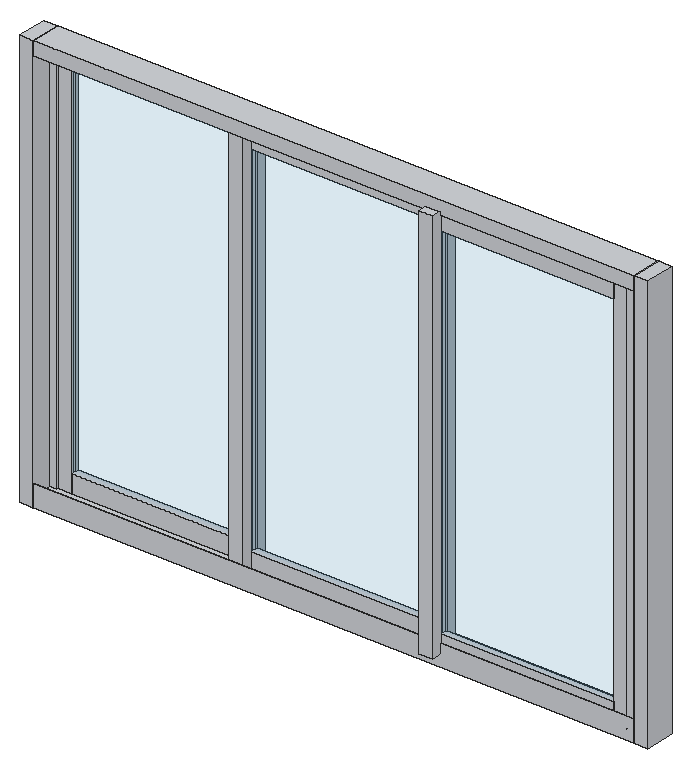
Revit family "Altitude® Sliding Window_SG&DG-OXX_XXO", category Windows, host Wall, Revit 2021
Family settings
  Host = Wall
  OmniClass Number = 23.30.20.00
  OmniClass Title = Windows
  Always vertical = Yes
  Cut with Voids When Loaded = No
  Shared = No
  Room Calculation Point = No
Parameters (values of type "5L2R/2L5R")
  YEAR = "2022"  # constant formula
  X = 75.00 mm  # constant formula
  Width = 0.00 mm  # constant formula
  URL = "https://www.alspec.com.au/altitude-sliding-window"
  Track Offsets = 74.80 mm  # constant formula
  Thickness = 0.00 mm  # constant formula
  Single Glazed Thickness (6-13.5mm) [instance] = 5.00 mm
  Single Glazed [instance] = not(Double Glazed)  # no
  Sill Offset 2 [instance] = 7.80 mm  # constant formula
  Sill Offset [instance] = 6.00 mm  # constant formula
  Sash Material [instance] = none
  Rough Width = 0.00 mm  # constant formula
  Rough Height = 0.00 mm  # constant formula
  Overall Width [instance] = 2100.00 mm
  Offset [instance] = 0.00 mm
  Midrail height [instance] = 810.00 mm
  Midrail [instance] = no
  Meeting 1 = 4.00 mm  # constant formula
  Head Offset 2 [instance] = 8.00 mm  # constant formula
  Head Offset [instance] = 75.30 mm  # constant formula
  Overall Height [instance] = 1400.00 mm
  Model = "Altitude® Sliding Window_SG&DG-OXX_XXO"  # constant formula
  Manufacturer = "ALSPEC"
  Height = 0.00 mm  # constant formula
  Glazed Material [instance] = Glass
  Frame Material [instance] = none
  Ext Frame Thickness = 56.80 mm  # constant formula
  Double Glazed Thickness [instance] = 18.00 mm
  Double Glazed [instance] = yes
  Define Thermal Properties by = Schematic Type
  Default Sill Height = 1200.00 mm
  Wall Closure = By host
  CREATOR = "Viraj Mhatre"  # constant formula
  COMPANY = "ALSPEC"  # constant formula
  Analytic Construction = "<None>"
  Air Pocket (Double Glazing Only) [instance] = 8.00 mm  # constant formula
  XXO [instance] = no
  OXX [instance] = no
Reference planes
  plane 1 "Center (Front/Back)": y = 0
  plane 2 "Center (Left/Right)": x = 0
  plane 3 "Left": x = -869.6
  plane 4 "Right": x = 1116.8
  plane 5 "Sill": z = 1200
  plane 6 "Head": z = 2600
  plane 7 "Exterior": y = 100
  plane 8 "Interior": y = -100
  plane 9: y = 100
  plane 10: z = 1235.5
  plane 11: y = 14
  plane 12 "FRAME CENTRE": y = 42
  plane 13: y = 82.6
  plane 14: x = 1116.8
  plane 15: x = -926.4
  plane 16: x = 1173.6
  plane 17: z = 2564.5
  plane 18: z = 2554
  plane 19: z = 1246
  plane 20: z = 516.113
  plane 21: x = -401.4
  plane 22: x = 123.6
  plane 23: y = 145
  plane 24: z = 1900
  plane 25: x = -869.6
  plane 26: x = 1116.8
  plane 27: x = -207.467
  plane 28: x = 454.667
  plane 29: x = 648.6
  plane 30: y = 49.2
  plane 31: y = 15.8
  plane 32: x = -880.4
  plane 33: x = 1127.6
  plane 34: x = -229.967
  plane 35: x = -184.967
  plane 36: x = -892.1
  plane 37: x = -847.1
  plane 38: x = 1094.3
  plane 39: x = 1139.3
  plane 40: x = 432.167
  plane 41: x = 477.167
  plane 42: x = -881.9
  plane 43: x = 1104.5
  plane 44: x = -219.767
  plane 45: x = 442.367
  plane 46: x = -857.3
  plane 47: x = 1129.1
  plane 48: x = -195.167
  plane 49: x = 466.967
Forms (mm)
  Extrusion 1, solid, material <- "Frame Material"
    sketch origin (0, 0, 0) x (1, 0, 0) y (0, 1, 0)
      loop
        line (-926.4, 100) -> (-926.4, -1.6) -> (-881.9, -1.6) -> (-881.9, 100) -> (-926.4, 100)
      loop
        line (1129.1, -1.601) -> (1173.6, -1.601) -> (1173.6, 99.999) -> (1129.1, 99.999) -> (1129.1, -1.601)
    from 1200 to 2600
  Extrusion 2, solid, material <- "Frame Material"
    sketch origin (-869.6, 0, 0) x (0, -1, 0) y (0, 0, 1)
      loop
        line (-99.999, 2554) -> (1.601, 2554) -> (1.601, 2600) -> (-99.999, 2600) -> (-99.999, 2554)
      loop
        line (-99.999, 1200) -> (1.601, 1200) -> (1.601, 1271) -> (-1.799, 1271) -> (-1.799, 1235.5) -> (-96.599, 1235.5) -> (-96.599, 1246) -> (-99.999, 1246) -> (-99.999, 1200)
    from -1997.2 to 10.8
Lines and regions (mm)
  Opening 1
    outline origin (3600, -100, 75) x (1, 0, 0) y (0, 0, 1)
      loop
        line (-2426.4, 1125) -> (-2426.4, 2525) -> (-4526.4, 2525) -> (-4526.4, 1125) -> (-2426.4, 1125)
  Masking region 1
    outline origin (0, 0, 0) x (1, 0, 0) y (0, 1, 0)
      loop
        line (-926.4, 100) -> (-926.4, -1.6) -> (-881.9, -1.6) -> (-881.9, 100) -> (-926.4, 100)
      loop
        line (1129.1, -1.601) -> (1173.6, -1.601) -> (1173.6, 99.999) -> (1129.1, 99.999) -> (1129.1, -1.601)
  Masking region 2
    outline origin (-869.6, 0, 0) x (0, -1, 0) y (0, 0, 1)
      loop
        line (-99.999, 2554) -> (1.601, 2554) -> (1.601, 2600) -> (-99.999, 2600) -> (-99.999, 2554)
      loop
        line (-99.999, 1200) -> (1.601, 1200) -> (1.601, 1271) -> (-1.799, 1271) -> (-1.799, 1235.5) -> (-96.599, 1235.5) -> (-96.599, 1246) -> (-99.999, 1246) -> (-99.999, 1200)
Text (mm)
  text "EXTERIOR" at (-1886.484, -724.686, 0), in view "Ref. Level"
  text "INTERIOR" at (-1963.203, 1176.318, 0), in view "Ref. Level"
  text "Exterior" at (0, 923.751, 2943.296), in view "Right"
  text "Exterior" at (0, 1040.484, 2685.409), in view "Left"
Dimensions and locks
  "Overall Height": plane 5 "Sill" to plane 6 "Head"
  "Default Sill Height": plane 5 "Sill" to level
  locked: plane 7 "Exterior" to host wall
  locked: plane 8 "Interior" to host wall
  "Offset": plane 9 to plane 7 "Exterior"
  "Ext Frame Thickness": plane 15 to plane 3 "Left"
  "Ext Frame Thickness": plane 4 "Right" to plane 16
  locked: plane 23 to plane 9 at 45
  equal spacing: group 1, group 3, group 4, group 2  (x3)
  "Overall Width": plane 15 to plane 16
  equal spacing: plane 15, plane 21, plane 22, plane 29, plane 16
  locked: plane 9 to plane 13 at 17.4
  locked: plane 13 to plane 30 at 33.4
  locked: plane 30 to plane 31 at 33.399
  plane 18 to plane 17 to plane 6 "Head" = 10.50 mm locked, 35.50 mm locked
  locked: plane 15 to plane 32 at 46
  locked: plane 33 to plane 16 at 46
  equal spacing: plane 34, plane 27, plane 35
  locked: plane 34 to plane 35 at 45
  equal spacing: plane 42, plane 25, plane 46
  locked: plane 42 to plane 46 at 24.6
  locked: plane 19 to plane 10 at 10.5
  locked: plane 5 "Sill" to plane 10 at 35.5
  equal spacing: plane 18, plane 24, plane 19
  aligned and locked: Opening 1 sketch curve to plane 6 "Head"
  aligned and locked: plane 14 to plane 4 "Right"
  aligned and locked: plane 15 to Opening 1 sketch curve
  aligned and locked: plane 16 to Opening 1 sketch curve
  aligned and locked: host wall to level
  aligned and locked: plane 25 to plane 3 "Left"
  aligned and locked: plane 26 to plane 4 "Right"
  aligned and locked: plane 22 to nested 1
  aligned and locked: plane 22 to nested 2
  aligned and locked: plane 22 to nested 3
  aligned and locked: nested 4 to plane 22
  aligned and locked: nested 1 to plane 23
  aligned and locked: plane 23 to nested 2
  aligned and locked: nested 3 to plane 24
  aligned and locked: plane 24 to nested 4
  aligned and locked: nested 5 to plane 23
  aligned and locked: plane 21 to nested 5
  aligned and locked: plane 23 to nested 6
  aligned and locked: plane 29 to nested 6
  aligned and locked: nested 7 to plane 21
  aligned and locked: nested 7 to plane 24
  aligned and locked: plane 29 to nested 8
  aligned and locked: plane 24 to nested 8
  aligned and locked: nested 9 to plane 6 "Head"
  aligned and locked: nested 9 to plane 30
  aligned and locked: Masking region 2 sketch curve to nested 9  (x4)
  aligned and locked: Extrusion 2 sketch curve to nested 9  (x4)
  aligned and locked: plane 33 to Extrusion 2
  aligned and locked: Extrusion 2 to plane 32
  aligned and locked: Extrusion 1 to plane 6 "Head"
  aligned and locked: plane 17 to nested 11
  aligned and locked: plane 17 to nested 12
  aligned and locked: plane 17 to nested 10
  aligned and locked: plane 42 to nested 10
  aligned and locked: nested 10 to plane 35
  aligned and locked: nested 10 to plane 13
  aligned and locked: nested 11 to plane 34
  aligned and locked: nested 11 to plane 41
  aligned and locked: nested 11 to plane 30
  aligned and locked: nested 12 to plane 47
  aligned and locked: plane 40 to nested 12
  aligned and locked: plane 31 to nested 12
  aligned and locked: nested 13 to plane 35
  aligned and locked: plane 42 to nested 13
  aligned and locked: plane 34 to nested 14
  aligned and locked: plane 41 to nested 14
  aligned and locked: plane 40 to nested 15
  aligned and locked: nested 15 to plane 47
  aligned and locked: plane 31 to nested 15
  aligned and locked: plane 30 to nested 14
  aligned and locked: nested 13 to plane 13
  aligned and locked: plane 17 to nested 15
  aligned and locked: plane 17 to nested 14
  aligned and locked: plane 17 to nested 13
  aligned and locked: nested 17 to plane 30
  aligned and locked: plane 30 to nested 16
  aligned and locked: nested 17 to plane 42
  aligned and locked: Masking region 1 sketch curve to nested 17  (x4)
  aligned and locked: Extrusion 1 sketch curve to nested 17  (x4)
  aligned and locked: plane 47 to nested 16
  aligned and locked: Masking region 1 sketch curve to nested 16  (x4)
  aligned and locked: Extrusion 1 sketch curve to nested 16  (x4)
  aligned and locked: nested 18 to plane 30
  aligned and locked: nested 18 to plane 5 "Sill"
  aligned and locked: plane 10 to nested 15
  aligned and locked: plane 10 to nested 12
  aligned and locked: plane 10 to nested 10
  aligned and locked: plane 10 to nested 13
  aligned and locked: plane 10 to nested 11
  aligned and locked: plane 10 to nested 14
  aligned and locked: plane 5 "Sill" to Extrusion 1
  aligned and locked: Masking region 2 sketch curve to nested 18  (x8)
  aligned and locked: Extrusion 2 sketch curve to nested 18  (x8)
Automatic sketch dimensions
  Opening 1 sketch curve to plane 10 = 35.50 mm
Nested families
  nested 1: "DETAIL_ARROW2" at (123.6, 145, 0), visible <- "XXO", type "DETAIL_ARROW2"
  nested 2: "DETAIL_ARROW2" at (123.6, 145, 0) x (-1, 0, 0) z (0, 0, 1), visible <- "OXX", type "DETAIL_ARROW2"
  nested 3: "DETAIL_ARROW" at (123.6, -100, 1900) x (1, 0, 0) z (0, -1, 0), visible <- "XXO", type "DETAIL_ARROW"
  nested 4: "DETAIL_ARROW" at (123.6, -100, 1900) x (-1, 0, 0) z (0, -1, 0), visible <- "OXX", type "DETAIL_ARROW"
  nested 5: "DETAIL_ARROW2" at (-401.4, 145, 0), visible <- "XXO", type "DETAIL_ARROW2"
  nested 6: "DETAIL_ARROW2" at (648.6, 145, 0) x (-1, 0, 0) z (0, 0, 1), visible <- "OXX", type "DETAIL_ARROW2"
  nested 7: "DETAIL_ARROW" at (-401.4, -100, 1900) x (1, 0, 0) z (0, -1, 0), visible <- "XXO", type "DETAIL_ARROW"
  nested 8: "DETAIL_ARROW" at (648.6, -100, 1900) x (-1, 0, 0) z (0, -1, 0), visible <- "OXX", type "DETAIL_ARROW"
  nested 9: "Ext Head APT2 APT5" at (-869.6, 49.2, 2564.5) x (0, -1, 0) z (-1, 0, 0), type "Ext Head APT2 APT5", detail levels fine
  nested 10: "panel 1 APT42 APT9 APT10" at (-533.433, 82.6, 1235.5), visible <- "Single Glazed", Midrail Height <- "Midrail height", Single Glazing Thickness <- "Single Glazed Thickness (6-13.5mm)", Glazing Material <- "Glazed Material", Midrail <- "Midrail", Sash Material <- "Sash Material", type "SLIDING_GLAZED PANEL"
    with Single Glazing Thickness 5.00 mm, Sash Width 696.933 mm, Sash Material none, Sash Height 1329.00 mm, Midrail Height 810.00 mm, Midrail no, Glazing Material Glass, Actual SG Thickness (Manufacturer Controlled) 6.00 mm
  nested 11: "panel 3 APT42 APT10 APT11" at (123.6, 49.2, 1235.5), visible <- "Single Glazed", Glazing Material <- "Glazed Material", Midrail <- "Midrail", Sash Material <- "Sash Material", Midrail Height <- "Midrail height", Single Glazing Thickness <- "Single Glazed Thickness (6-13.5mm)", type "SLIDING_GLAZED PANEL"
    with Single Glazing Thickness 5.00 mm, Sash Width 707.133 mm, Sash Material none, Sash Height 1329.00 mm, Midrail Height 810.00 mm, Midrail no, Glazing Material Glass, Actual SG Thickness (Manufacturer Controlled) 6.00 mm
  nested 12: "panel 2 APT42 APT9 APT11" at (780.633, 15.8, 1235.5) x (-1, 0, 0) z (0, 0, 1), visible <- "Single Glazed", Midrail Height <- "Midrail height", Single Glazing Thickness <- "Single Glazed Thickness (6-13.5mm)", Glazing Material <- "Glazed Material", Midrail <- "Midrail", Sash Material <- "Sash Material", type "SLIDING_GLAZED PANEL"
    with Single Glazing Thickness 5.00 mm, Sash Width 696.933 mm, Sash Material none, Sash Height 1329.00 mm, Midrail Height 810.00 mm, Midrail no, Glazing Material Glass, Actual SG Thickness (Manufacturer Controlled) 6.00 mm
  nested 13: "DG Panel 1_APT42 APT19 APT20" at (-533.433, 82.6, 1235.5), visible <- "Double Glazed", Midrail Height <- "Midrail height", Double Glazing Thickness <- "Double Glazed Thickness", Double Glazed <- "Double Glazed", Glazing Material <- "Glazed Material", Midrail <- "Midrail", Sash Material <- "Sash Material", type "DG Panel 1_APT42 APT19 APT20"
    with Thickness Control 18.00 mm, Sill Off 108.00 mm, Sill 120.00 mm, Sash Width 696.933 mm, Sash Material none, Midrail Height 810.00 mm, Midrail no, Height 1329.00 mm, Head Off 68.00 mm, Head 80.00 mm, Glazing Material Glass, Double Glazing Thickness 18.00 mm, Double Glazed yes, Air Pocket 8.00 mm
  nested 14: "DG Panel 3_APT42 APT20 APT21" at (123.6, 49.2, 1235.5) x (-1, 0, 0) z (0, 0, 1), visible <- "Double Glazed", Sash Material <- "Sash Material", Midrail <- "Midrail", Glazing Material <- "Glazed Material", Double Glazed <- "Double Glazed", Double Glazing Thickness <- "Double Glazed Thickness", Midrail Height <- "Midrail height", type "DG Panel 3_APT42 APT20 APT21"
    with Thickness Control 18.00 mm, Sash Width 707.133 mm, Sash Material none, Midrail Height 810.00 mm, Midrail no, Height 1329.00 mm, Glazing Material Glass, Double Glazing Thickness 18.00 mm, Double Glazed yes, Air Pocket 8.00 mm
  nested 15: "DG Panel 2_APT42 APT19 APT21" at (780.633, 15.8, 1235.5) x (-1, 0, 0) z (0, 0, 1), visible <- "Double Glazed", Midrail Height <- "Midrail height", Double Glazing Thickness <- "Double Glazed Thickness", Double Glazed <- "Double Glazed", Glazing Material <- "Glazed Material", Midrail <- "Midrail", Sash Material <- "Sash Material", type "DG Panel 2_APT42 APT19 APT21"
    with Thickness Control 18.00 mm, Sash Width 696.933 mm, Sash Material none, Midrail Height 810.00 mm, Midrail no, Height 1329.00 mm, Glazing Material Glass, Double Glazing Thickness 18.00 mm, Double Glazed yes, Air Pocket 8.00 mm
  nested 16: "Ext Frame ME1 ME8" at (1129.1, 49.2, 0) x (-1, 0, 0) z (0, 0, 1), type "Ext Frame ME1 ME8", detail levels fine
  nested 17: "Ext Frame ME1 ME8" at (-881.9, 49.2, 0), type "Ext Frame ME1 ME8", detail levels fine
  nested 18: "Ext Sill APT29 APT15 APT8" at (-869.6, 49.2, 1235.5) x (0, -1, 0) z (-1, 0, 0), type "Ext Sill APT29 APT15 APT8", detail levels fine
Definition of nested family "panel 1 APT42 APT9 APT10"
  Parameters (values of type "SLIDING_GLAZED PANEL")
    YEAR = "2022"  # constant formula
    Width = 0.00 mm  # constant formula
    Thickness = 0.00 mm  # constant formula
    TODAYS DATE = "20/04/2022"  # constant formula
    Single Glazing Thickness [instance] = 6.00 mm
    Sash Width [instance] = 1200.00 mm
    Sash Material [instance] = none
    Sash Height [instance] = 1200.00 mm
    Rough Width = 0.00 mm  # constant formula
    Rough Height = 0.00 mm  # constant formula
    Midrail Height [instance] = 810.00 mm
    Midrail [instance] = yes
    JAMP WIDTH = 70.505 mm  # constant formula
    Height = 0.00 mm  # constant formula
    HEAD_JAMP HEIGHT = 80.00 mm  # constant formula
    Glazing Material [instance] = none
    Define Thermal Properties by = 1
    Default Elevation = 1219.20 mm
    CREATOR = "Viraj Mhatre"  # constant formula
    COMPANY = "ALSPEC"  # constant formula
    BOTTOM_JAMP HEIGHT = 120.00 mm  # constant formula
    Analytic Construction = "<None>"
    Actual SG Thickness (Manufacturer Controlled) [instance] = if(Single Glazing Thickness > 13.50 mm, 13.50 mm, if(Single Glazing Thickness < 6.00 mm, 6.00 mm, Single Glazing Thickness))  # 6.00 mm
  Reference planes
    plane 1 "Center (Front/Back)": y = 0
    plane 2: z = 0
    plane 3 "Center (Left/Right)": x = 0
    plane 4: x = -600
    plane 5: x = 600
    plane 6: x = -539.495
    plane 7: x = 565
    plane 8: z = 1200
    plane 9: z = 1142
    plane 10: z = 58
    plane 11: z = 810
    plane 12: x = -529.495
    plane 13: x = 555
    plane 14: z = 46.868
    plane 15: z = 1153.132
    plane 16: y = 22.5
    plane 17: y = 39.7
    plane 18: y = 3
    plane 19: y = -3
  Forms (mm)
    Extrusion 1, solid, material <- "Glazing Material"
      sketch origin (0, 0, 0) x (1, 0, 0) y (0, 1, 0)
        loop
          line (-539.495, 3) -> (-539.495, -3) -> (565, -3) -> (565, 3) -> (-539.495, 3)
      from 46.868 to 1153.132
    Extrusion 2, solid, material <- "Sash Material", visible <- "Midrail"
      sketch origin (0, 0, 0) x (0, 1, 0) y (0, 0, 1)
        loop
          line (22.4, 836.001) -> (2.449, 836.001) -> (2.449, 825.999) -> (-2.449, 825.999) -> (-2.449, 836.001) -> (-22.4, 836.001) -> (-22.4, 783.999) -> (-2.449, 783.999) -> (-2.449, 794.001) -> (2.449, 794.001) -> (2.449, 783.999) -> (22.4, 783.999) -> (22.4, 836.001)
      from -529.495 to 555
    Extrusion 3, solid, material <- "Sash Material"
      sketch origin (0, 0, 0) x (1, 0, 0) y (0, 1, 0)
        loop
          line (-600, -17.4) -> (-575, -17.4) -> (-575, -12.5) -> (-529.495, -12.5) -> (-529.495, -6.25) -> (-540.632, -6.25) -> (-540.632, 6.25) -> (-529.495, 6.25) -> (-529.495, 12.5) -> (-575, 12.5) -> (-575, 17.4) -> (-600, 17.4) -> (-600, -17.4)
        loop
          line (573.121, -19.527) -> (600, -19.527) -> (600, 12.5) -> (555, 12.5) -> (555, 5.314) -> (566.132, 5.314) -> (566.132, -5.314) -> (555, -5.314) -> (555, -12.5) -> (582.8, -12.5) -> (582.8, -15.019) -> (573.121, -15.019) -> (573.121, -19.527)
      from 0 to 1200
    Extrusion 4, solid, material <- "Sash Material"
      sketch origin (0, 0, 0) x (0, 1, 0) y (0, 0, 1)
        loop
          line (12.5, 1200) -> (-12.5, 1200) -> (-12.5, 1142) -> (12.5, 1142) -> (12.5, 1200)
        loop
          line (12.5, 0) -> (12.5, 58) -> (-12.5, 58) -> (-12.5, 0) -> (12.5, 0)
      from -529.495 to 555
  Lines and regions (mm)
    Masking region 1
      outline origin (0, 0, 0) x (1, 0, 0) y (0, 1, 0)
        loop
          line (573.121, -19.527) -> (600, -19.527) -> (600, 12.5) -> (555, 12.5) -> (555, 5.314) -> (566.132, 5.314) -> (566.132, -5.314) -> (555, -5.314) -> (555, -12.5) -> (582.8, -12.5) -> (582.8, -15.019) -> (573.121, -15.019) -> (573.121, -19.527)
        loop
          line (-600, -17.4) -> (-575, -17.4) -> (-575, -12.5) -> (-529.495, -12.5) -> (-529.495, -6.25) -> (-540.632, -6.25) -> (-540.632, 6.25) -> (-529.495, 6.25) -> (-529.495, 12.5) -> (-575, 12.5) -> (-575, 17.4) -> (-600, 17.4) -> (-600, -17.4)
    Masking region 2
      outline origin (0, 0, 0) x (0, 1, 0) y (0, 0, 1)
        loop
          line (-12.5, 0) -> (12.5, 0) -> (12.5, 58) -> (-12.5, 58) -> (-12.5, 0)
        loop
          line (12.5, 1200) -> (-12.5, 1200) -> (-12.5, 1142) -> (12.5, 1142) -> (12.5, 1200)
  Dimensions and locks
    equal spacing: plane 4, plane 3 "Center (Left/Right)", plane 5
    "Sash Width": plane 4 to plane 5
    "Sash Height": plane 8 to plane 2
    "JAMP WIDTH": plane 4 to plane 12
    locked: plane 13 to plane 7 at 10
    locked: plane 6 to plane 12 at 10
    locked: plane 16 to plane 1 "Center (Front/Back)" at 22.5
    locked: plane 17 to plane 16 at 17.2
    equal spacing: plane 18, plane 1 "Center (Front/Back)", plane 19
    "Actual SG Thickness (Manufacturer Controlled)": plane 18 to plane 19
    "Midrail Height": plane 11 to level
    nested 2 to plane 12 = 70.505 mm
    locked: plane 13 to plane 5 at 45
    locked: plane 8 to plane 15 at 46.868
    locked: plane 15 to plane 9 at 11.132
    locked: plane 14 to level at 46.868
    locked: plane 10 to plane 14 at 11.132
    aligned and locked: level to plane 2
    aligned and locked: Extrusion 1 sketch curve to plane 18
    aligned and locked: Extrusion 1 sketch curve to plane 19
    aligned and locked: Extrusion 1 to plane 6
    aligned and locked: plane 7 to Extrusion 1
    aligned and locked: plane 15 to Extrusion 1
    aligned and locked: Extrusion 1 to plane 14
    aligned and locked: plane 11 to nested 1
    aligned and locked: plane 1 "Center (Front/Back)" to nested 1
    aligned and locked: Extrusion 2 sketch curve to nested 1  (x6)
    aligned and locked: nested 1 to Extrusion 2 sketch curve  (x4)
    aligned and locked: Extrusion 2 to plane 12
    aligned and locked: plane 13 to Extrusion 2
    aligned and locked: plane 1 "Center (Front/Back)" to nested 2
    aligned and locked: plane 12 to nested 2
    aligned and locked: plane 13 to nested 3
    aligned and locked: plane 1 "Center (Front/Back)" to nested 3
    aligned and locked: Masking region 1 sketch curve to nested 3  (x12)
    aligned and locked: Extrusion 3 sketch curve to nested 3  (x12)
    aligned and locked: plane 8 to nested 4
    aligned and locked: plane 1 "Center (Front/Back)" to nested 4
    aligned and locked: nested 5 to level
    aligned and locked: nested 5 to plane 1 "Center (Front/Back)"
    aligned and locked: Masking region 2 sketch curve to nested 5  (x4)
    aligned and locked: Masking region 2 sketch curve to nested 4  (x4)
    aligned and locked: Extrusion 4 sketch curve to nested 4  (x4)
    aligned and locked: Extrusion 4 sketch curve to nested 5  (x4)
    aligned and locked: plane 8 to Extrusion 3
    aligned and locked: Extrusion 3 to level
    aligned and locked: plane 13 to Extrusion 4
    aligned and locked: Extrusion 4 to plane 12
  Automatic sketch dimensions
    Extrusion 1 sketch curve to plane 12 = 10.00 mm
    Extrusion 1 sketch curve to Extrusion 1 sketch curve = 1104.495 mm
    Extrusion 2 sketch curve to Extrusion 2 sketch curve = 10.002 mm
    Extrusion 2 sketch curve to Extrusion 2 sketch curve = 0.00 mm
    Masking region 1 sketch curve to plane 13 = 0.00 mm  (x2)
    Masking region 1 sketch curve to plane 5 = 0.00 mm
    plane 7 to Masking region 1 sketch curve = 8.121 mm
    Masking region 1 sketch curve to plane 19 = 16.527 mm
    plane 7 to Masking region 1 sketch curve = 1.132 mm
    Masking region 1 sketch curve to Masking region 1 sketch curve = 9.679 mm
    Masking region 1 sketch curve to Masking region 1 sketch curve = 4.508 mm
    Masking region 1 sketch curve to Masking region 1 sketch curve = 2.519 mm
    Masking region 1 sketch curve to plane 19 = 2.314 mm
    plane 18 to Masking region 1 sketch curve = 2.314 mm
    Masking region 1 sketch curve to Masking region 1 sketch curve = 7.186 mm
    Extrusion 3 sketch curve to plane 13 = 0.00 mm  (x2)
    Extrusion 3 sketch curve to plane 5 = 0.00 mm
    plane 7 to Extrusion 3 sketch curve = 1.132 mm
    plane 7 to Extrusion 3 sketch curve = 8.121 mm
    Extrusion 3 sketch curve to Extrusion 3 sketch curve = 9.679 mm
    Extrusion 3 sketch curve to plane 19 = 16.527 mm
    Extrusion 3 sketch curve to Extrusion 3 sketch curve = 4.508 mm
    Extrusion 3 sketch curve to Extrusion 3 sketch curve = 2.519 mm
    Extrusion 3 sketch curve to plane 19 = 2.314 mm
    plane 18 to Extrusion 3 sketch curve = 2.314 mm
    Extrusion 3 sketch curve to Extrusion 3 sketch curve = 7.186 mm
    Masking region 1 sketch curve to plane 12 = 0.00 mm  (x2)
    Masking region 1 sketch curve to plane 6 = 1.137 mm
    plane 4 to Masking region 1 sketch curve = 25.00 mm  (x2)
    Masking region 1 sketch curve to plane 16 = 5.10 mm
    Masking region 1 sketch curve to plane 4 = 0.00 mm
    Masking region 1 sketch curve to plane 19 = 14.40 mm
    Masking region 1 sketch curve to Masking region 1 sketch curve = 4.901 mm
    Masking region 1 sketch curve to plane 19 = 3.25 mm
    plane 18 to Masking region 1 sketch curve = 3.25 mm
    Masking region 1 sketch curve to Masking region 1 sketch curve = 6.25 mm
    Extrusion 3 sketch curve to plane 12 = 0.00 mm  (x2)
    Extrusion 3 sketch curve to plane 6 = 1.137 mm
    plane 18 to Extrusion 3 sketch curve = 9.50 mm
    plane 4 to Extrusion 3 sketch curve = 25.00 mm  (x2)
    Extrusion 3 sketch curve to plane 4 = 0.00 mm
    Extrusion 3 sketch curve to plane 19 = 14.40 mm
    Extrusion 3 sketch curve to plane 19 = 9.50 mm
    Extrusion 3 sketch curve to plane 19 = 3.25 mm
    plane 18 to Extrusion 3 sketch curve = 3.25 mm
    Extrusion 3 sketch curve to Extrusion 3 sketch curve = 4.90 mm
  Nested families
    nested 1: "Single Glazed Midrail Narrow_SE16 SE12" at (0, 0, 810) x (0, -1, 0) z (1, 0, 0), type "Single Glazed Midrail Narrow_SE16 SE12", detail levels fine
    nested 2: "Jamb APT42 APT9" at (-600, 0, 0), type "Jamb APT42 APT9", detail levels fine
    nested 3: "jamb APT10" at (555, 0, 0), type "jamb APT10", detail levels fine
    nested 4: "Head & Sill APT15" at (0, 0, 1200) x (0, -1, 0) z (1, 0, 0), type "Head & Sill APT15", detail levels fine
    nested 5: "Head & Sill APT15" at (0, 0, 0) x (0, 1, 0) z (1, 0, 0), type "Head & Sill APT15", detail levels fine
  Definition of nested family "Single Glazed Midrail Narrow_SE16 SE12"
    Reference planes
      plane 1 "Center (Front/Back)": y = 0
      plane 2: z = 0
      plane 3 "Center (Left/Right)": x = 0
      plane 4: y = 26.001
      plane 5: x = 22.4
      plane 6: y = -26.001
      plane 7: x = -22.4
      plane 8: y = 15.999
      plane 9: y = -15.999
    Dimensions and locks
      aligned and locked: import instance to plane 3 "Center (Left/Right)"
      aligned and locked: plane 1 "Center (Front/Back)" to import instance
      aligned and locked: plane 9 to import instance
      aligned and locked: plane 8 to import instance
      aligned and locked: plane 4 to import instance
      aligned and locked: plane 6 to import instance
      aligned and locked: plane 5 to import instance
      aligned and locked: plane 7 to import instance
  Definition of nested family "Jamb APT42 APT9"
    Reference planes
      plane 1 "Center (Front/Back)": y = 0
      plane 2: z = 0
      plane 3 "Center (Left/Right)": x = 0
      plane 4: x = 70.505
      plane 5: x = 59.368
      plane 6: y = 12.5
      plane 7: y = -12.5
    Dimensions and locks
      aligned and locked: import instance to plane 3 "Center (Left/Right)"
      aligned and locked: plane 1 "Center (Front/Back)" to import instance
      aligned and locked: plane 5 to import instance
      aligned and locked: plane 4 to import instance
      aligned and locked: plane 7 to import instance
      aligned and locked: plane 6 to import instance
  Definition of nested family "jamb APT10"
    Reference planes
      plane 1 "Center (Front/Back)": y = 0
      plane 2: z = 0
      plane 3 "Center (Left/Right)": x = 0
      plane 4: x = 11.132
      plane 5: x = 45
    Dimensions and locks
      aligned and locked: plane 1 "Center (Front/Back)" to import instance
      aligned and locked: import instance to plane 3 "Center (Left/Right)"
      aligned and locked: plane 4 to import instance
      aligned and locked: plane 5 to import instance
  Definition of nested family "Head & Sill APT15"
    Reference planes
      plane 1 "Center (Front/Back)": y = 0
      plane 2: z = 0
      plane 3 "Center (Left/Right)": x = 0
      plane 4: y = 58
      plane 5: x = 12.5
      plane 6: x = -12.5
    Dimensions and locks
      aligned and locked: plane 1 "Center (Front/Back)" to import instance
      aligned and locked: plane 3 "Center (Left/Right)" to import instance
      aligned and locked: plane 4 to import instance
      aligned and locked: plane 5 to import instance
      aligned and locked: plane 6 to import instance
Definition of nested family "panel 3 APT42 APT10 APT11"
  Parameters (values of type "SLIDING_GLAZED PANEL")
    YEAR = "2022"  # constant formula
    Width = 0.00 mm  # constant formula
    Thickness = 0.00 mm  # constant formula
    TODAYS DATE = "20/04/2022"  # constant formula
    Single Glazing Thickness [instance] = 6.00 mm
    Sash Width [instance] = 1148.99 mm
    Sash Material [instance] = none
    Sash Height [instance] = 1200.00 mm
    Rough Width = 0.00 mm  # constant formula
    Rough Height = 0.00 mm  # constant formula
    Midrail Height [instance] = 810.00 mm
    Midrail [instance] = yes
    JAMP WIDTH = 70.505 mm  # constant formula
    Height = 0.00 mm  # constant formula
    HEAD_JAMP HEIGHT = 80.00 mm  # constant formula
    Glazing Material [instance] = none
    Define Thermal Properties by = 1
    Default Elevation = 1219.20 mm
    CREATOR = "Viraj Mhatre"  # constant formula
    COMPANY = "ALSPEC"  # constant formula
    BOTTOM_JAMP HEIGHT = 120.00 mm  # constant formula
    Analytic Construction = "<None>"
    Actual SG Thickness (Manufacturer Controlled) [instance] = if(Single Glazing Thickness > 13.50 mm, 13.50 mm, if(Single Glazing Thickness < 6.00 mm, 6.00 mm, Single Glazing Thickness))  # 6.00 mm
  Reference planes
    plane 1 "Center (Front/Back)": y = 0
    plane 2: z = 0
    plane 3 "Center (Left/Right)": x = 0
    plane 4: x = -574.495
    plane 5: x = 574.495
    plane 6: x = -539.495
    plane 7: x = 539.495
    plane 8: z = 1200
    plane 9: z = 1142
    plane 10: z = 58
    plane 11: z = 810
    plane 12: x = -529.495
    plane 13: x = 529.495
    plane 14: z = 46.868
    plane 15: z = 1153.132
    plane 16: y = 22.5
    plane 17: y = 39.7
    plane 18: y = 3
    plane 19: y = -3
  Forms (mm)
    Extrusion 1, solid, material <- "Glazing Material"
      sketch origin (0, 0, 0) x (1, 0, 0) y (0, 1, 0)
        loop
          line (-539.495, 3) -> (-539.495, -3) -> (539.495, -3) -> (539.495, 3) -> (-539.495, 3)
      from 46.868 to 1153.132
    Extrusion 2, solid, material <- "Sash Material", visible <- "Midrail"
      sketch origin (0, 0, 0) x (0, 1, 0) y (0, 0, 1)
        loop
          line (22.4, 836.001) -> (2.449, 836.001) -> (2.449, 825.999) -> (-2.449, 825.999) -> (-2.449, 836.001) -> (-22.4, 836.001) -> (-22.4, 783.999) -> (-2.449, 783.999) -> (-2.449, 794.001) -> (2.449, 794.001) -> (2.449, 783.999) -> (22.4, 783.999) -> (22.4, 836.001)
      from -529.495 to 529.495
    Extrusion 3, solid, material <- "Sash Material"
      sketch origin (0, 0, 0) x (1, 0, 0) y (0, 1, 0)
        loop
          line (547.595, -19.506) -> (574.5, -19.506) -> (574.5, 45.514) -> (529.495, 45.514) -> (529.495, 5.16) -> (540.632, 5.16) -> (540.632, -5.16) -> (529.495, -5.16) -> (529.495, -12.486) -> (557.295, -12.486) -> (557.295, -15.019) -> (547.595, -15.019) -> (547.595, -19.506)
        loop
          line (-574.495, -12.5) -> (-529.495, -12.5) -> (-529.495, -5.314) -> (-540.627, -5.314) -> (-540.627, 5.314) -> (-529.495, 5.314) -> (-529.495, 12.5) -> (-557.295, 12.5) -> (-557.295, 15.019) -> (-547.616, 15.019) -> (-547.616, 19.527) -> (-574.495, 19.527) -> (-574.495, -12.5)
      from 0 to 1200
    Extrusion 4, solid, material <- "Sash Material"
      sketch origin (0, 0, 0) x (0, 1, 0) y (0, 0, 1)
        loop
          line (12.5, 1200) -> (-12.5, 1200) -> (-12.5, 1142) -> (12.5, 1142) -> (12.5, 1200)
        loop
          line (12.5, 0) -> (12.5, 58) -> (-12.5, 58) -> (-12.5, 0) -> (12.5, 0)
      from -529.495 to 529.495
  Lines and regions (mm)
    Masking region 1
      outline origin (0, 0, 0) x (0, 1, 0) y (0, 0, 1)
        loop
          line (-12.5, 0) -> (12.5, 0) -> (12.5, 58) -> (-12.5, 58) -> (-12.5, 0)
        loop
          line (12.5, 1200) -> (-12.5, 1200) -> (-12.5, 1142) -> (12.5, 1142) -> (12.5, 1200)
    Masking region 2
      outline origin (0, 0, 0) x (1, 0, 0) y (0, 1, 0)
        loop
          line (547.595, -19.506) -> (574.5, -19.506) -> (574.5, 45.514) -> (529.495, 45.514) -> (529.495, 5.16) -> (540.632, 5.16) -> (540.632, -5.16) -> (529.495, -5.16) -> (529.495, -12.486) -> (557.295, -12.486) -> (557.295, -15.019) -> (547.595, -15.019) -> (547.595, -19.506)
        loop
          line (-574.495, -12.5) -> (-529.495, -12.5) -> (-529.495, -5.314) -> (-540.627, -5.314) -> (-540.627, 5.314) -> (-529.495, 5.314) -> (-529.495, 12.5) -> (-557.295, 12.5) -> (-557.295, 15.019) -> (-547.616, 15.019) -> (-547.616, 19.527) -> (-574.495, 19.527) -> (-574.495, -12.5)
  Dimensions and locks
    equal spacing: plane 4, plane 3 "Center (Left/Right)", plane 5
    "Sash Width": plane 4 to plane 5
    "Sash Height": plane 8 to plane 2
    locked: plane 13 to plane 7 at 10
    locked: plane 6 to plane 12 at 10
    locked: plane 16 to plane 1 "Center (Front/Back)" at 22.5
    locked: plane 17 to plane 16 at 17.2
    equal spacing: plane 18, plane 1 "Center (Front/Back)", plane 19
    "Actual SG Thickness (Manufacturer Controlled)": plane 18 to plane 19
    "Midrail Height": plane 11 to level
    locked: plane 13 to plane 5 at 45
    locked: plane 8 to plane 15 at 46.868
    locked: plane 15 to plane 9 at 11.132
    locked: plane 14 to level at 46.868
    locked: plane 10 to plane 14 at 11.132
    locked: plane 4 to plane 12 at 45
    aligned and locked: level to plane 2
    aligned and locked: Extrusion 1 sketch curve to plane 18
    aligned and locked: Extrusion 1 sketch curve to plane 19
    aligned and locked: Extrusion 1 to plane 6
    aligned and locked: plane 7 to Extrusion 1
    aligned and locked: plane 15 to Extrusion 1
    aligned and locked: Extrusion 1 to plane 14
    aligned and locked: plane 11 to nested 1
    aligned and locked: plane 1 "Center (Front/Back)" to nested 1
    aligned and locked: Extrusion 2 sketch curve to nested 1  (x6)
    aligned and locked: nested 1 to Extrusion 2 sketch curve  (x4)
    aligned and locked: Extrusion 2 to plane 12
    aligned and locked: plane 13 to Extrusion 2
    aligned and locked: plane 8 to nested 2
    aligned and locked: plane 1 "Center (Front/Back)" to nested 2
    aligned and locked: nested 3 to level
    aligned and locked: nested 3 to plane 1 "Center (Front/Back)"
    aligned and locked: Masking region 1 sketch curve to nested 3  (x4)
    aligned and locked: Masking region 1 sketch curve to nested 2  (x4)
    aligned and locked: Extrusion 4 sketch curve to nested 2  (x4)
    aligned and locked: Extrusion 4 sketch curve to nested 3  (x4)
    aligned and locked: plane 8 to Extrusion 3
    aligned and locked: Extrusion 3 to level
    aligned and locked: plane 13 to Extrusion 4
    aligned and locked: Extrusion 4 to plane 12
    aligned and locked: nested 4 to plane 1 "Center (Front/Back)"
    aligned and locked: nested 4 to plane 13
    aligned and locked: Extrusion 3 sketch curve to nested 4  (x12)
    aligned and locked: Masking region 2 sketch curve to nested 4  (x12)
    aligned and locked: nested 5 to plane 12
    aligned and locked: nested 5 to plane 1 "Center (Front/Back)"
    aligned and locked: Masking region 2 sketch curve to nested 5  (x12)
    aligned and locked: Extrusion 3 sketch curve to nested 5  (x12)
  Automatic sketch dimensions
    Extrusion 1 sketch curve to plane 12 = 10.00 mm
    Extrusion 1 sketch curve to Extrusion 1 sketch curve = 1078.99 mm
    Extrusion 2 sketch curve to Extrusion 2 sketch curve = 10.002 mm
    Extrusion 2 sketch curve to Extrusion 2 sketch curve = 0.00 mm
    Extrusion 3 sketch curve to plane 13 = 0.00 mm  (x2)
    plane 7 to Extrusion 3 sketch curve = 1.137 mm
    plane 7 to Extrusion 3 sketch curve = 8.10 mm
    Extrusion 3 sketch curve to Extrusion 3 sketch curve = 9.70 mm
    plane 5 to Extrusion 3 sketch curve = 0.005 mm
    Extrusion 3 sketch curve to plane 19 = 16.506 mm
    Extrusion 3 sketch curve to Extrusion 3 sketch curve = 4.487 mm
    Extrusion 3 sketch curve to plane 19 = 9.486 mm
    Extrusion 3 sketch curve to plane 19 = 2.16 mm
    plane 18 to Extrusion 3 sketch curve = 2.16 mm
    plane 17 to Extrusion 3 sketch curve = 5.814 mm
    Masking region 2 sketch curve to plane 13 = 0.00 mm  (x2)
    plane 7 to Masking region 2 sketch curve = 1.137 mm
    plane 7 to Masking region 2 sketch curve = 8.10 mm
    Masking region 2 sketch curve to Masking region 2 sketch curve = 9.70 mm
    plane 5 to Masking region 2 sketch curve = 0.005 mm
    Masking region 2 sketch curve to plane 19 = 16.506 mm
    Masking region 2 sketch curve to Masking region 2 sketch curve = 4.487 mm
    Masking region 2 sketch curve to plane 19 = 9.486 mm
    Masking region 2 sketch curve to plane 19 = 2.16 mm
    plane 18 to Masking region 2 sketch curve = 2.16 mm
    plane 17 to Masking region 2 sketch curve = 5.814 mm
    Masking region 2 sketch curve to plane 4 = 0.00 mm
    Masking region 2 sketch curve to plane 12 = 0.00 mm  (x2)
    plane 4 to Masking region 2 sketch curve = 17.20 mm
    Masking region 2 sketch curve to plane 6 = 8.121 mm
    Masking region 2 sketch curve to plane 6 = 1.132 mm
    Masking region 2 sketch curve to plane 19 = 9.50 mm
    Masking region 2 sketch curve to plane 19 = 2.314 mm
    plane 18 to Masking region 2 sketch curve = 2.314 mm
    Masking region 2 sketch curve to Masking region 2 sketch curve = 2.519 mm
    Masking region 2 sketch curve to plane 16 = 7.481 mm
    Masking region 2 sketch curve to plane 16 = 2.973 mm
    Extrusion 3 sketch curve to plane 4 = 0.00 mm
    Extrusion 3 sketch curve to plane 12 = 0.00 mm  (x2)
    plane 4 to Extrusion 3 sketch curve = 17.20 mm
    Extrusion 3 sketch curve to plane 6 = 8.121 mm
    Extrusion 3 sketch curve to plane 6 = 1.132 mm
    Extrusion 3 sketch curve to plane 19 = 9.50 mm
    Extrusion 3 sketch curve to plane 19 = 2.314 mm
    plane 18 to Extrusion 3 sketch curve = 2.314 mm
    Extrusion 3 sketch curve to Extrusion 3 sketch curve = 2.519 mm
    Extrusion 3 sketch curve to plane 16 = 7.481 mm
    Extrusion 3 sketch curve to plane 16 = 2.973 mm
  Nested families
    nested 1: "Single Glazed Midrail Narrow_SE16 SE12" at (0, 0, 810) x (0, -1, 0) z (1, 0, 0), type "Single Glazed Midrail Narrow_SE16 SE12", detail levels fine
    nested 2: "Head & Sill APT15" at (0, 0, 1200) x (0, -1, 0) z (1, 0, 0), type "Head & Sill APT15", detail levels fine
    nested 3: "Head & Sill APT15" at (0, 0, 0) x (0, 1, 0) z (1, 0, 0), type "Head & Sill APT15", detail levels fine
    nested 4: "Jamb APT11" at (529.495, 0, 0) x (-1, 0, 0) z (0, 0, 1), type "Jamb APT11", detail levels fine
    nested 5: "jamb APT10" at (-529.495, 0, 0) x (-1, 0, 0) z (0, 0, 1), type "jamb APT10", detail levels fine
  Definition of nested family "Single Glazed Midrail Narrow_SE16 SE12"
    Reference planes
      plane 1 "Center (Front/Back)": y = 0
      plane 2: z = 0
      plane 3 "Center (Left/Right)": x = 0
      plane 4: y = 26.001
      plane 5: x = 22.4
      plane 6: y = -26.001
      plane 7: x = -22.4
      plane 8: y = 15.999
      plane 9: y = -15.999
    Dimensions and locks
      aligned and locked: import instance to plane 3 "Center (Left/Right)"
      aligned and locked: plane 1 "Center (Front/Back)" to import instance
      aligned and locked: plane 9 to import instance
      aligned and locked: plane 8 to import instance
      aligned and locked: plane 4 to import instance
      aligned and locked: plane 6 to import instance
      aligned and locked: plane 5 to import instance
      aligned and locked: plane 7 to import instance
  Definition of nested family "Head & Sill APT15"
    Reference planes
      plane 1 "Center (Front/Back)": y = 0
      plane 2: z = 0
      plane 3 "Center (Left/Right)": x = 0
      plane 4: y = 58
      plane 5: x = 12.5
      plane 6: x = -12.5
    Dimensions and locks
      aligned and locked: plane 1 "Center (Front/Back)" to import instance
      aligned and locked: plane 3 "Center (Left/Right)" to import instance
      aligned and locked: plane 4 to import instance
      aligned and locked: plane 5 to import instance
      aligned and locked: plane 6 to import instance
  Definition of nested family "Jamb APT11"
    Reference planes
      plane 1 "Center (Front/Back)": y = 0
      plane 2: z = 0
      plane 3 "Center (Left/Right)": x = 0
      plane 4: x = -11.137
    Dimensions and locks
      aligned and locked: plane 3 "Center (Left/Right)" to import instance
      aligned and locked: import instance to plane 1 "Center (Front/Back)"
      aligned and locked: plane 4 to import instance
  Definition of nested family "jamb APT10"
    Reference planes
      plane 1 "Center (Front/Back)": y = 0
      plane 2: z = 0
      plane 3 "Center (Left/Right)": x = 0
      plane 4: x = 11.132
      plane 5: x = 45
    Dimensions and locks
      aligned and locked: plane 1 "Center (Front/Back)" to import instance
      aligned and locked: import instance to plane 3 "Center (Left/Right)"
      aligned and locked: plane 4 to import instance
      aligned and locked: plane 5 to import instance
Definition of nested family "panel 2 APT42 APT9 APT11"
  Parameters (values of type "SLIDING_GLAZED PANEL")
    YEAR = "2022"  # constant formula
    Width = 0.00 mm  # constant formula
    Thickness = 0.00 mm  # constant formula
    TODAYS DATE = "20/04/2022"  # constant formula
    Single Glazing Thickness [instance] = 6.00 mm
    Sash Width [instance] = 1200.00 mm
    Sash Material [instance] = none
    Sash Height [instance] = 1200.00 mm
    Rough Width = 0.00 mm  # constant formula
    Rough Height = 0.00 mm  # constant formula
    Midrail Height [instance] = 810.00 mm
    Midrail [instance] = yes
    JAMP WIDTH = 70.505 mm  # constant formula
    Height = 0.00 mm  # constant formula
    HEAD_JAMP HEIGHT = 80.00 mm  # constant formula
    Glazing Material [instance] = none
    Define Thermal Properties by = 1
    Default Elevation = 1219.20 mm
    CREATOR = "Viraj Mhatre"  # constant formula
    COMPANY = "ALSPEC"  # constant formula
    BOTTOM_JAMP HEIGHT = 120.00 mm  # constant formula
    Analytic Construction = "<None>"
    Actual SG Thickness (Manufacturer Controlled) [instance] = if(Single Glazing Thickness > 13.50 mm, 13.50 mm, if(Single Glazing Thickness < 6.00 mm, 6.00 mm, Single Glazing Thickness))  # 6.00 mm
  Reference planes
    plane 1 "Center (Front/Back)": y = 0
    plane 2: z = 0
    plane 3 "Center (Left/Right)": x = 0
    plane 4: x = -600
    plane 5: x = 600
    plane 6: x = -539.495
    plane 7: x = 565
    plane 8: z = 1200
    plane 9: z = 1142
    plane 10: z = 58
    plane 11: z = 810
    plane 12: x = -529.495
    plane 13: x = 555
    plane 14: z = 46.868
    plane 15: z = 1153.132
    plane 16: y = 22.5
    plane 17: y = 39.7
    plane 18: y = 3
    plane 19: y = -3
  Forms (mm)
    Extrusion 1, solid, material <- "Glazing Material"
      sketch origin (0, 0, 0) x (1, 0, 0) y (0, 1, 0)
        loop
          line (-539.495, 3) -> (-539.495, -3) -> (565, -3) -> (565, 3) -> (-539.495, 3)
      from 46.868 to 1153.132
    Extrusion 2, solid, material <- "Sash Material", visible <- "Midrail"
      sketch origin (0, 0, 0) x (0, 1, 0) y (0, 0, 1)
        loop
          line (22.4, 836.001) -> (2.449, 836.001) -> (2.449, 825.999) -> (-2.449, 825.999) -> (-2.449, 836.001) -> (-22.4, 836.001) -> (-22.4, 783.999) -> (-2.449, 783.999) -> (-2.449, 794.001) -> (2.449, 794.001) -> (2.449, 783.999) -> (22.4, 783.999) -> (22.4, 836.001)
      from -529.495 to 555
    Extrusion 3, solid, material <- "Sash Material"
      sketch origin (0, 0, 0) x (1, 0, 0) y (0, 1, 0)
        loop
          line (-600, -17.4) -> (-575, -17.4) -> (-575, -12.5) -> (-529.495, -12.5) -> (-529.495, -6.25) -> (-540.632, -6.25) -> (-540.632, 6.25) -> (-529.495, 6.25) -> (-529.495, 12.5) -> (-575, 12.5) -> (-575, 17.4) -> (-600, 17.4) -> (-600, -17.4)
        loop
          line (573.1, -19.506) -> (600.005, -19.506) -> (600.005, 45.514) -> (555, 45.514) -> (555, 5.16) -> (566.137, 5.16) -> (566.137, -5.16) -> (555, -5.16) -> (555, -12.486) -> (582.8, -12.486) -> (582.8, -15.019) -> (573.1, -15.019) -> (573.1, -19.506)
      from 0 to 1200
    Extrusion 4, solid, material <- "Sash Material"
      sketch origin (0, 0, 0) x (0, 1, 0) y (0, 0, 1)
        loop
          line (12.5, 1200) -> (-12.5, 1200) -> (-12.5, 1142) -> (12.5, 1142) -> (12.5, 1200)
        loop
          line (12.5, 0) -> (12.5, 58) -> (-12.5, 58) -> (-12.5, 0) -> (12.5, 0)
      from -529.495 to 555
  Lines and regions (mm)
    Masking region 1
      outline origin (0, 0, 0) x (0, 1, 0) y (0, 0, 1)
        loop
          line (-12.5, 0) -> (12.5, 0) -> (12.5, 58) -> (-12.5, 58) -> (-12.5, 0)
        loop
          line (12.5, 1200) -> (-12.5, 1200) -> (-12.5, 1142) -> (12.5, 1142) -> (12.5, 1200)
    Masking region 2
      outline origin (0, 0, 0) x (1, 0, 0) y (0, 1, 0)
        loop
          line (-600, -17.4) -> (-575, -17.4) -> (-575, -12.5) -> (-529.495, -12.5) -> (-529.495, -6.25) -> (-540.632, -6.25) -> (-540.632, 6.25) -> (-529.495, 6.25) -> (-529.495, 12.5) -> (-575, 12.5) -> (-575, 17.4) -> (-600, 17.4) -> (-600, -17.4)
        loop
          line (573.1, -19.506) -> (600.005, -19.506) -> (600.005, 45.514) -> (555, 45.514) -> (555, 5.16) -> (566.137, 5.16) -> (566.137, -5.16) -> (555, -5.16) -> (555, -12.486) -> (582.8, -12.486) -> (582.8, -15.019) -> (573.1, -15.019) -> (573.1, -19.506)
  Dimensions and locks
    equal spacing: plane 4, plane 3 "Center (Left/Right)", plane 5
    "Sash Width": plane 4 to plane 5
    "Sash Height": plane 8 to plane 2
    "JAMP WIDTH": plane 4 to plane 12
    locked: plane 13 to plane 7 at 10
    locked: plane 6 to plane 12 at 10
    locked: plane 16 to plane 1 "Center (Front/Back)" at 22.5
    locked: plane 17 to plane 16 at 17.2
    equal spacing: plane 18, plane 1 "Center (Front/Back)", plane 19
    "Actual SG Thickness (Manufacturer Controlled)": plane 18 to plane 19
    "Midrail Height": plane 11 to level
    nested 2 to plane 12 = 70.505 mm
    locked: plane 13 to plane 5 at 45
    locked: plane 8 to plane 15 at 46.868
    locked: plane 15 to plane 9 at 11.132
    locked: plane 14 to level at 46.868
    locked: plane 10 to plane 14 at 11.132
    aligned and locked: level to plane 2
    aligned and locked: Extrusion 1 sketch curve to plane 18
    aligned and locked: Extrusion 1 sketch curve to plane 19
    aligned and locked: Extrusion 1 to plane 6
    aligned and locked: plane 7 to Extrusion 1
    aligned and locked: plane 15 to Extrusion 1
    aligned and locked: Extrusion 1 to plane 14
    aligned and locked: plane 11 to nested 1
    aligned and locked: plane 1 "Center (Front/Back)" to nested 1
    aligned and locked: Extrusion 2 sketch curve to nested 1  (x6)
    aligned and locked: nested 1 to Extrusion 2 sketch curve  (x4)
    aligned and locked: Extrusion 2 to plane 12
    aligned and locked: plane 13 to Extrusion 2
    aligned and locked: plane 1 "Center (Front/Back)" to nested 2
    aligned and locked: plane 12 to nested 2
    aligned and locked: plane 8 to nested 3
    aligned and locked: plane 1 "Center (Front/Back)" to nested 3
    aligned and locked: nested 4 to level
    aligned and locked: nested 4 to plane 1 "Center (Front/Back)"
    aligned and locked: Masking region 1 sketch curve to nested 4  (x4)
    aligned and locked: Masking region 1 sketch curve to nested 3  (x4)
    aligned and locked: Extrusion 4 sketch curve to nested 3  (x4)
    aligned and locked: Extrusion 4 sketch curve to nested 4  (x4)
    aligned and locked: plane 8 to Extrusion 3
    aligned and locked: Extrusion 3 to level
    aligned and locked: plane 13 to Extrusion 4
    aligned and locked: Extrusion 4 to plane 12
    aligned and locked: nested 5 to plane 1 "Center (Front/Back)"
    aligned and locked: nested 5 to plane 13
    aligned and locked: Extrusion 3 sketch curve to nested 5  (x12)
    aligned and locked: Masking region 2 sketch curve to nested 2  (x12)
    aligned and locked: Masking region 2 sketch curve to nested 5  (x12)
  Automatic sketch dimensions
    Extrusion 1 sketch curve to plane 12 = 10.00 mm
    Extrusion 1 sketch curve to Extrusion 1 sketch curve = 1104.495 mm
    Extrusion 2 sketch curve to Extrusion 2 sketch curve = 10.002 mm
    Extrusion 2 sketch curve to Extrusion 2 sketch curve = 0.00 mm
    Extrusion 3 sketch curve to plane 12 = 0.00 mm  (x2)
    Extrusion 3 sketch curve to plane 6 = 1.137 mm
    plane 18 to Extrusion 3 sketch curve = 9.50 mm
    plane 4 to Extrusion 3 sketch curve = 25.00 mm  (x2)
    Extrusion 3 sketch curve to plane 4 = 0.00 mm
    Extrusion 3 sketch curve to plane 19 = 14.40 mm
    Extrusion 3 sketch curve to plane 19 = 9.50 mm
    Extrusion 3 sketch curve to plane 19 = 3.25 mm
    plane 18 to Extrusion 3 sketch curve = 3.25 mm
    Extrusion 3 sketch curve to Extrusion 3 sketch curve = 4.90 mm
    Extrusion 3 sketch curve to plane 13 = 0.00 mm  (x2)
    plane 7 to Extrusion 3 sketch curve = 1.137 mm
    plane 7 to Extrusion 3 sketch curve = 8.10 mm
    Extrusion 3 sketch curve to Extrusion 3 sketch curve = 9.70 mm
    plane 5 to Extrusion 3 sketch curve = 0.005 mm
    Extrusion 3 sketch curve to plane 19 = 16.506 mm
    Extrusion 3 sketch curve to Extrusion 3 sketch curve = 4.487 mm
    Extrusion 3 sketch curve to plane 19 = 9.486 mm
    Extrusion 3 sketch curve to plane 19 = 2.16 mm
    plane 18 to Extrusion 3 sketch curve = 2.16 mm
    plane 17 to Extrusion 3 sketch curve = 5.814 mm
    Masking region 2 sketch curve to plane 12 = 0.00 mm  (x2)
    Masking region 2 sketch curve to plane 4 = 0.00 mm
    Masking region 2 sketch curve to plane 19 = 14.40 mm
    Masking region 2 sketch curve to plane 6 = 1.137 mm
    Masking region 2 sketch curve to plane 19 = 9.50 mm
    plane 4 to Masking region 2 sketch curve = 25.00 mm
    plane 18 to Masking region 2 sketch curve = 9.50 mm
    Masking region 2 sketch curve to Masking region 2 sketch curve = 0.00 mm
    Masking region 2 sketch curve to plane 19 = 3.25 mm
    plane 18 to Masking region 2 sketch curve = 3.25 mm
    Masking region 2 sketch curve to plane 16 = 5.10 mm
    Masking region 2 sketch curve to plane 13 = 0.00 mm  (x2)
    plane 7 to Masking region 2 sketch curve = 1.137 mm
    plane 7 to Masking region 2 sketch curve = 8.10 mm
    Masking region 2 sketch curve to Masking region 2 sketch curve = 9.70 mm
    plane 5 to Masking region 2 sketch curve = 0.005 mm
    Masking region 2 sketch curve to plane 19 = 16.506 mm
    Masking region 2 sketch curve to Masking region 2 sketch curve = 4.487 mm
    Masking region 2 sketch curve to plane 19 = 9.486 mm
    Masking region 2 sketch curve to plane 19 = 2.16 mm
    plane 18 to Masking region 2 sketch curve = 2.16 mm
    plane 17 to Masking region 2 sketch curve = 5.814 mm
  Nested families
    nested 1: "Single Glazed Midrail Narrow_SE16 SE12" at (0, 0, 810) x (0, -1, 0) z (1, 0, 0), type "Single Glazed Midrail Narrow_SE16 SE12", detail levels fine
    nested 2: "Jamb APT42 APT9" at (-600, 0, 0), type "Jamb APT42 APT9", detail levels fine
    nested 3: "Head & Sill APT15" at (0, 0, 1200) x (0, -1, 0) z (1, 0, 0), type "Head & Sill APT15", detail levels fine
    nested 4: "Head & Sill APT15" at (0, 0, 0) x (0, 1, 0) z (1, 0, 0), type "Head & Sill APT15", detail levels fine
    nested 5: "Jamb APT11" at (555, 0, 0) x (-1, 0, 0) z (0, 0, 1), type "Jamb APT11", detail levels fine
  Definition of nested family "Single Glazed Midrail Narrow_SE16 SE12"
    Reference planes
      plane 1 "Center (Front/Back)": y = 0
      plane 2: z = 0
      plane 3 "Center (Left/Right)": x = 0
      plane 4: y = 26.001
      plane 5: x = 22.4
      plane 6: y = -26.001
      plane 7: x = -22.4
      plane 8: y = 15.999
      plane 9: y = -15.999
    Dimensions and locks
      aligned and locked: import instance to plane 3 "Center (Left/Right)"
      aligned and locked: plane 1 "Center (Front/Back)" to import instance
      aligned and locked: plane 9 to import instance
      aligned and locked: plane 8 to import instance
      aligned and locked: plane 4 to import instance
      aligned and locked: plane 6 to import instance
      aligned and locked: plane 5 to import instance
      aligned and locked: plane 7 to import instance
  Definition of nested family "Jamb APT42 APT9"
    Reference planes
      plane 1 "Center (Front/Back)": y = 0
      plane 2: z = 0
      plane 3 "Center (Left/Right)": x = 0
      plane 4: x = 70.505
      plane 5: x = 59.368
      plane 6: y = 12.5
      plane 7: y = -12.5
    Dimensions and locks
      aligned and locked: import instance to plane 3 "Center (Left/Right)"
      aligned and locked: plane 1 "Center (Front/Back)" to import instance
      aligned and locked: plane 5 to import instance
      aligned and locked: plane 4 to import instance
      aligned and locked: plane 7 to import instance
      aligned and locked: plane 6 to import instance
  Definition of nested family "Head & Sill APT15"
    Reference planes
      plane 1 "Center (Front/Back)": y = 0
      plane 2: z = 0
      plane 3 "Center (Left/Right)": x = 0
      plane 4: y = 58
      plane 5: x = 12.5
      plane 6: x = -12.5
    Dimensions and locks
      aligned and locked: plane 1 "Center (Front/Back)" to import instance
      aligned and locked: plane 3 "Center (Left/Right)" to import instance
      aligned and locked: plane 4 to import instance
      aligned and locked: plane 5 to import instance
      aligned and locked: plane 6 to import instance
  Definition of nested family "Jamb APT11"
    Reference planes
      plane 1 "Center (Front/Back)": y = 0
      plane 2: z = 0
      plane 3 "Center (Left/Right)": x = 0
      plane 4: x = -11.137
    Dimensions and locks
      aligned and locked: plane 3 "Center (Left/Right)" to import instance
      aligned and locked: import instance to plane 1 "Center (Front/Back)"
      aligned and locked: plane 4 to import instance
Definition of nested family "DG Panel 1_APT42 APT19 APT20"
  Parameters (values of type "DG Panel 1_APT42 APT19 APT20")
    YEAR = "2022"  # constant formula
    Width = 0.00 mm  # constant formula
    Thickness Control [instance] = if(Double Glazing Thickness > 28.00 mm, 28.00 mm, if(Double Glazing Thickness < 18.00 mm, 18.00 mm, Double Glazing Thickness))  # 18.00 mm
    Thickness = 0.00 mm  # constant formula
    TODAYS DATE = "12/05/2022"  # constant formula
    Sill Off [instance] = 108.00 mm  # constant formula
    Sill [instance] = 120.00 mm  # constant formula
    Sash Width [instance] = 1200.00 mm
    Sash Material [instance] = none
    Rough Width = 0.00 mm  # constant formula
    Rough Height = 0.00 mm  # constant formula
    Off DG Head and Sill = 12.00 mm  # constant formula
    Midrail Height [instance] = 612.819 mm
    Midrail [instance] = yes
    Height [instance] = 1200.00 mm
    Head Off [instance] = 68.00 mm  # constant formula
    Head & Sill DG Depth = 93.00 mm  # constant formula
    Head [instance] = 80.00 mm  # constant formula
    Glazing Material [instance] = none
    Double Glazing Thickness [instance] = 18.00 mm
    Double Glazed [instance] = no
    Define Thermal Properties by = 1
    Default Elevation = 1219.20 mm
    DG Off = 11.00 mm  # constant formula
    DG Jamb Width = 75.00 mm  # constant formula
    CREATOR = "Viraj Mhatre"  # constant formula
    COMPANY = "ALSPEC"  # constant formula
    Analytic Construction = "<None>"
    Air Pocket [instance] = 8.00 mm  # constant formula
  Reference planes
    plane 1 "Center (Front/Back)": y = 0
    plane 2: z = 0
    plane 3 "Center (Left/Right)": x = 0
    plane 4: x = -600
    plane 5: x = 555
    plane 6: x = -541.495
    plane 7: x = 567
    plane 8: z = 1200
    plane 9: z = 1140
    plane 10: z = 60
    plane 11: z = 900
    plane 12: x = -529.495
    plane 13: x = 600
    plane 14: z = 47
    plane 15: z = 1153
    plane 16: y = 9
    plane 17: y = 4
    plane 18: y = -4
    plane 19: y = -9
    plane 20: z = 612.819
  Forms (mm)
    Extrusion 1, solid, material <- "Glazing Material"
      sketch origin (0, 0, 0) x (1, 0, 0) y (0, 1, 0)
        loop
          line (-541.495, 9) -> (-541.495, 4) -> (567, 4) -> (567, 9) -> (-541.495, 9)
        loop
          line (-541.495, -4) -> (-541.495, -9) -> (567, -9) -> (567, -4) -> (-541.495, -4)
      from 47 to 1153
    Extrusion 2, solid, material <- "Sash Material", visible <- "Midrail"
      sketch origin (0, 0, 0) x (0, 1, 0) y (0, 0, 1)
        loop
          line (9.5, 638.752) -> (9.5, 631.751) -> (-9.182, 631.751) -> (-9.182, 638.752) -> (-22.4, 638.752) -> (-22.4, 586.751) -> (-9.5, 586.751) -> (-9.5, 593.751) -> (9.694, 593.751) -> (9.694, 586.886) -> (22.4, 586.886) -> (22.4, 638.752) -> (9.5, 638.752)
      from -529.495 to 555
    Extrusion 3, solid, material <- "Sash Material"
      sketch origin (0, 0, 0) x (1, 0, 0) y (0, 1, 0)
        loop
          line (-600, -17.4) -> (-575, -17.4) -> (-575, -12.5) -> (-529.495, -12.5) -> (-529.495, -7.993) -> (-543.7, -7.993) -> (-543.7, 7.993) -> (-529.495, 7.993) -> (-529.495, 12.5) -> (-575, 12.5) -> (-575, 17.4) -> (-600, 17.4) -> (-600, -17.4)
        loop
          line (573.1, -19.528) -> (600, -19.528) -> (600, 12.499) -> (555, 12.499) -> (555, 10.899) -> (569.2, 10.899) -> (569.2, -10.9) -> (555, -10.9) -> (555, -12.5) -> (582.8, -12.5) -> (582.8, -15.069) -> (573.1, -15.069) -> (573.1, -19.528)
      from 0 to 1200
    Extrusion 4, solid, material <- "Sash Material"
      sketch origin (0, 0, 0) x (0, 1, 0) y (0, 0, 1)
        loop
          line (12.5, 1200) -> (-12.5, 1200) -> (-12.5, 1140) -> (12.5, 1140) -> (12.5, 1200)
        loop
          line (12.5, 60) -> (-12.5, 60) -> (-12.5, 0) -> (12.5, 0) -> (12.5, 60)
      from -529.495 to 555
  Lines and regions (mm)
    Masking region 1
      outline origin (0, 0, 0) x (0, 1, 0) y (0, 0, 1)
        loop
          line (-22.4, 638.752) -> (-22.4, 586.751) -> (-9.5, 586.751) -> (-9.5, 593.751) -> (9.5, 593.751) -> (9.5, 586.751) -> (22.4, 586.751) -> (22.4, 638.752) -> (9.5, 638.752) -> (9.5, 631.751) -> (-9.5, 631.751) -> (-9.5, 638.752) -> (-22.4, 638.752)
    Masking region 2
      outline origin (0, 0, 0) x (1, 0, 0) y (0, 1, 0)
        loop
          line (-600, -17.4) -> (-575, -17.4) -> (-575, -12.5) -> (-529.495, -12.5) -> (-529.495, -7.993) -> (-543.7, -7.993) -> (-543.7, 7.993) -> (-529.495, 7.993) -> (-529.495, 12.5) -> (-575, 12.5) -> (-575, 17.4) -> (-600, 17.4) -> (-600, -17.4)
        loop
          line (573.1, -19.528) -> (600, -19.528) -> (600, 12.499) -> (555, 12.499) -> (555, 10.899) -> (569.2, 10.899) -> (569.2, -10.9) -> (555, -10.9) -> (555, -12.5) -> (582.8, -12.5) -> (582.8, -15.069) -> (573.1, -15.069) -> (573.1, -19.528)
    Masking region 3
      outline origin (0, 0, 0) x (0, 1, 0) y (0, 0, 1)
        loop
          line (-12.5, 0) -> (12.5, 0) -> (12.5, 60) -> (9.25, 60) -> (9.25, 47) -> (-9.25, 47) -> (-9.25, 60) -> (-12.5, 60) -> (-12.5, 0)
        loop
          line (12.5, 1200) -> (-12.5, 1200) -> (-12.5, 1140) -> (-9.25, 1140) -> (-9.25, 1153) -> (9.25, 1153) -> (9.25, 1140) -> (12.5, 1140) -> (12.5, 1200)
  Dimensions and locks
    equal spacing: plane 16, plane 1 "Center (Front/Back)", plane 19
    "Thickness Control": plane 16 to plane 19
    equal spacing: plane 17, plane 1 "Center (Front/Back)", plane 18
    "Air Pocket": plane 17 to plane 18
    "Midrail Height": plane 20 to level
    locked: plane 6 to plane 12 at 12
    locked: plane 5 to plane 7 at 12
    equal spacing: plane 4, plane 3 "Center (Left/Right)", plane 13
    "Sash Width": plane 4 to plane 13
    "Height": plane 8 to plane 2
    locked: plane 4 to plane 6 at 58.505
    locked: plane 7 to plane 13 at 33
    locked: plane 14 to level at 47
    locked: plane 10 to plane 14 at 13
    plane 8 to plane 15 to plane 9 = 47.00 mm locked, 13.00 mm locked
    aligned and locked: level to plane 2
    aligned and locked: Extrusion 1 sketch curve to plane 16
    aligned and locked: Extrusion 1 sketch curve to plane 17
    aligned and locked: Extrusion 1 sketch curve to plane 18
    aligned and locked: Extrusion 1 sketch curve to plane 19
    aligned and locked: Extrusion 1 sketch curve to Extrusion 1 sketch curve  (x2)
    aligned and locked: Extrusion 1 to plane 6
    aligned and locked: plane 7 to Extrusion 1
    aligned and locked: Extrusion 1 to plane 14
    aligned and locked: plane 15 to Extrusion 1
    aligned and locked: plane 20 to nested 1
    aligned and locked: plane 1 "Center (Front/Back)" to nested 1
    aligned and locked: Masking region 1 sketch curve to nested 1  (x6)
    aligned and locked: nested 1 to Masking region 1 sketch curve  (x2)
